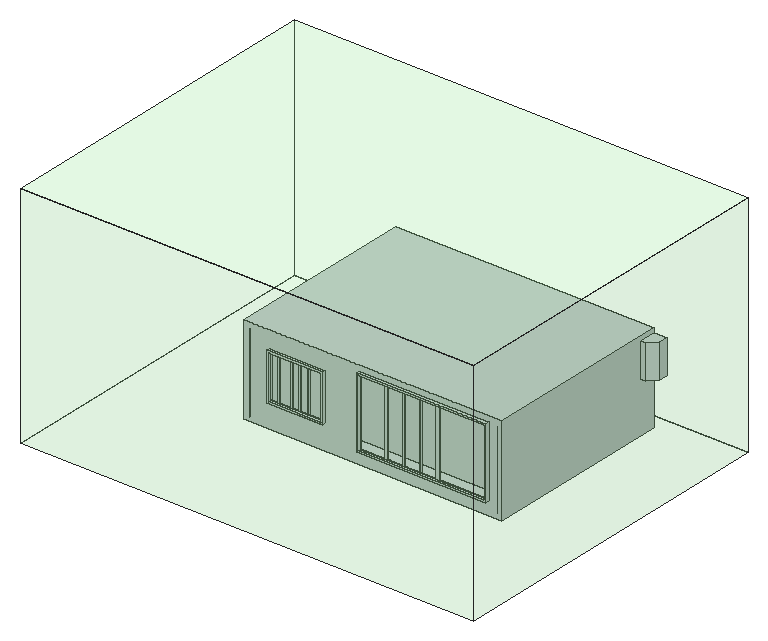
Revit family "BC_Hitachi_RASC-HNpE_LOD400", category Equipement de génie climatique, Revit 2016
Family settings
  Type d'élément = Normal
  Cote de connecteur circulaire = Utiliser le diamètre
  Numéro OmniClass = 23.75.00.00
  Titre OmniClass = Climate Control (HVAC)
  Basée sur le plan de construction = Non
  Toujours verticalement = Oui
  Couper avec des vides une fois chargée = Non
  Partagée = Non
  Point de calcul de pièce = Non
Parameters (values of type "RASC-10HNPE")
  Voids = 5
  Static Pressure Nominal = 102.0 Pa
  Static Pressure Maximum = 120.0 Pa
  Space between inlet outlet = 245 mm
  Product Code = "7E343111"
  Overall Width = 1850 mm
  Overall Height = 640 mm
  Overall Depth = 1360 mm
  Output Width = 398 mm
  Output Height = 337 mm
  Number of Poles = "3"
  Nominal heating power input = 8.52 kW
  Nominal cooling power input = 9.02 kW
  Nominal Voltage = 400 V
  Nominal Current = 24.7 A
  Modèle = "Outdoor Unit - Centrifugal RASC-HNPE"
  Minimum AC Voltage = 360 V
  Maximum connected capacity = 0 kW
  Maximum Input Power = 15.43 kW
  Maximum AC Voltage = 440 V
  Mass = 303.00 kg
  Liquid Diameter = 12.7 mm
  Input Width = 925 mm
  Input Height = 509 mm
  Heating Capacity = 26 kW
  Gas Diameter = 25.4 mm
  Frequency = 50 Hz
  Energy Efficiency Ratio (EER) = 2.66
  ESEER = "6.13"
  Distance from left outlet = 188 mm
  Sound pressure level heating (dB(A)) = "57"
  Sound pressure level Night mode cooling (dB(A)) = "52"
  Sound pressure level cooling (dB(A)) = "56"
  Sound power dB(A) = "75"
  Service space [instance] = yes
  Running current heating = 13.7 A
  Running current cooling = 14.5 A
  Refrigerant charge = 6.20 kg
  Refrigerant = "R410A"
  Recommended circuit breaker = 30 A
  Minimum Connected Capacity (%) = "75"
  Maximum Connected Capacity (%) = "120"
  Maximum Air Flow = 115000.0 L/min
  Height liquid pipe = 391 mm
  Height Gas pipe = 504 mm
  Fabricant = "HITACHI"
  Description = "Centrifugal VRF Series RASC-HNPE"
  Cooling Capacity = 24 kW
  Commentaires du type = "RASC-10HNPE"
  Coefficient Of Performance (COP) = 3.05
Types (5, lengths in mm): name | Static Pressure Nominal | Static Pressure Maximum | Space between inlet outlet | Product Code | Overall Width | Overall Height | Overall Depth | Output Width | Output Height | Nominal heating power input | Nominal cooling power input | Nominal Current | Maximum Input Power | Mass | Liquid Diameter | Input Width | Input Height | Heating Capacity | Gas Diameter | Energy Efficiency Ratio (EER) | ESEER | Distance from left outlet | Sound pressure level heating (dB(A)) | Sound pressure level Night mode cooling (dB(A)) | Sound pressure level cooling (dB(A)) | Sound power dB(A) | Running current heating | Running current cooling | Refrigerant charge | Recommended circuit breaker | Maximum Air Flow | Height liquid pipe | Height Gas pipe | Cooling Capacity | Commentaires du type | Coefficient Of Performance (COP)
  RASC-4HNPE | 56.0 Pa | 90.0 Pa | 222 | "7E343107" | 1415 | 575 | 1015 | 334 | 288 | 2.95 kW | 2.99 kW | 14.1 A | 8.76 kW | 192.00 kg | 9.52 | 642 | 444 | 11.2 kW | 15.88 | 3.35 | "6.65" | 123 | "53" | "48" | "52" | "70" | 4.7 A | 4.8 A | 4.10 kg | 20 A | 55000.0 L/min | 319 | 439 | 10 kW | "RASC-4HNPE" | 3.8
  RASC-5HNPE | 72.0 Pa | 100.0 Pa | 222 | "7E343108" | 1415 | 575 | 1015 | 334 | 288 | 4.12 kW | 3.98 kW | 14.1 A | 8.76 kW | 192.00 kg | 9.52 | 642 | 444 | 14 kW | 15.88 | 3.14 | "6.41" | 123 | "53" | "48" | "52" | "71" | 6.6 A | 6.4 A | 4.20 kg | 20 A | 60000.0 L/min | 319 | 439 | 12.5 kW | "RASC-5HNPE" | 3.4
  RASC-6HNPE | 100.0 Pa | 100.0 Pa | 222 | "7E343109" | 1415 | 575 | 1015 | 334 | 288 | 5.74 kW | 5.09 kW | 16 A | 10.01 kW | 192.00 kg | 9.52 | 642 | 444 | 15.5 kW | 15.88 | 2.75 | "6.19" | 123 | "54" | "49" | "53" | "72" | 9.2 A | 8.2 A | 4.20 kg | 20 A | 60000.0 L/min | 319 | 439 | 14 kW | "RASC-6HNPE" | 2.7
  RASC-8HNPE | 84.0 Pa | 120.0 Pa | 245 | "7E343110" | 1850 | 640 | 1360 | 398 | 337 | 7 kW | 7.41 kW | 24.7 A | 15.43 kW | 300.00 kg | 9.52 | 925 | 509 | 22.4 kW | 25.4 | 2.7 | "6.15" | 188 | "56" | "51" | "55" | "74" | 11.2 A | 11.9 A | 5.70 kg | 30 A | 115000.0 L/min | 391 | 504 | 20 kW | "RASC-8HNPE" | 3.2
  RASC-10HNPE | 102.0 Pa | 120.0 Pa | 245 | "7E343111" | 1850 | 640 | 1360 | 398 | 337 | 8.52 kW | 9.02 kW | 24.7 A | 15.43 kW | 303.00 kg | 12.7 | 925 | 509 | 26 kW | 25.4 | 2.66 | "6.13" | 188 | "57" | "52" | "56" | "75" | 13.7 A | 14.5 A | 6.20 kg | 30 A | 115000.0 L/min | 391 | 504 | 24 kW | "RASC-10HNPE" | 3.05
Reference planes
  plane 1 "Centre (avant/arrière)": y = 0
  plane 2: z = 0
  plane 3 "Centre (gauche/droite)": x = 0
  plane 4 "Ar": y = 680
  plane 5 "Av": y = -680
  plane 6 "Haut": z = 640
  plane 7 "D": x = 925
  plane 8 "G": x = -925
  plane 9: y = 780
  plane 10: x = -1725
  plane 11: x = 1525
  plane 12: y = -1680
  plane 13 "Service space hight": z = 1640
  plane 14 "Sorti d'air": z = 519
  plane 15: z = 182
  plane 16: x = -737
  plane 17: x = -339
  plane 18: x = -538
  plane 19: z = 350.5
  plane 20: x = -94
  plane 21: z = 600
  plane 22: z = 91
  plane 23: x = 831
  plane 24: z = 30
Forms (mm)
  Extrusion 1, solid, material "Service space walls in 4 directions", visible <- "Service space"
    sketch origin (0, 0, 0) x (1, 0, 0) y (0, 1, 0)
      loop
        line (-1725, 780) -> (-1725, -1680) -> (1525, -1680) -> (1525, 780) -> (-1725, 780)
    from 0 to 1640
  Extrusion 2, solid
    sketch origin (0, 0, 0) x (1, 0, 0) y (0, 1, 0)
      loop
        line (-925, 680) -> (-925, -680) -> (925, -680) -> (925, 680) -> (-925, 680)
    from 0 to 640
  Extrusion 3, solid
    sketch origin (0, 680, 0) x (-1, 0, 0) y (0, 0, 1)
      loop
        circle (-955, 504) r 12.7
      loop
        circle (-955, 391) r 6.35
    from 0 to -15
  Extrusion 4, solid
    sketch origin (0, 0, 640) x (-1, 0, 0) y (0, -1, 0)
      loop
        line (-925, -680) -> (-925, -560) -> (-965, -560) -> (-1020, -615) -> (-1020, -680) -> (-925, -680)
    from -30 to -275
  Extrusion 5, solid
    sketch origin (0, -680, 0) x (1, 0, 0) y (0, 0, 1)
      loop
        line (-737, 519) -> (-737, 182) -> (-339, 182) -> (-339, 519) -> (-737, 519)
      loop
        line (-727, 509) -> (-727, 192) -> (-349, 192) -> (-349, 509) -> (-727, 509)
    from 0 to 25
  Extrusion 6, solid
    sketch origin (0, -680, 0) x (1, 0, 0) y (0, 0, 1)
      loop
        line (-94, 600) -> (-94, 91) -> (831, 91) -> (831, 600) -> (-94, 600)
      loop
        line (-84, 101) -> (821, 101) -> (821, 590) -> (-84, 590) -> (-84, 101)
    from 0 to 25
  Extrusion 7, solid
    sketch origin (0, 680, 0) x (-1, 0, 0) y (0, 0, 1)
      loop
        circle (265.388, 14.46) r 12.5
      loop
        circle (292.888, 14.46) r 12.5
    from 0 to -10
  Extrusion 8, void
    sketch origin (0, -680, 0) x (1, 0, 0) y (0, 0, 1)
      loop
        line (-727, 509) -> (-727, 192) -> (-677.509, 192) -> (-677.509, 509) -> (-727, 509)
    from 0 to -40
  Extrusion 9, void
    sketch origin (0, -12.5, 0) x (1, 0, 0) y (0, 1, 0)
      loop
        line (-880.454, -484.912) -> (-880.454, -664.912) -> (894.546, -664.912) -> (894.546, -484.912) -> (-880.454, -484.912)
    from 30 to 600
  Extrusion 10, void
    sketch origin (0, -680, 0) x (1, 0, 0) y (0, 0, 1)
      loop
        line (-667, 509) -> (-667, 192) -> (-585.509, 192) -> (-585.509, 509) -> (-667, 509)
    from 0 to -40
  Extrusion 11, void
    sketch origin (0, -680, 0) x (1, 0, 0) y (0, 0, 1)
      loop
        line (-575, 509) -> (-575, 192) -> (-525.509, 192) -> (-525.509, 509) -> (-575, 509)
    from 0 to -40
  Extrusion 12, void
    sketch origin (0, -680, 0) x (1, 0, 0) y (0, 0, 1)
      loop
        line (-515, 509) -> (-515, 192) -> (-465.509, 192) -> (-465.509, 509) -> (-515, 509)
    from 0 to -40
  Extrusion 13, void
    sketch origin (0, -680, 0) x (1, 0, 0) y (0, 0, 1)
      loop
        line (-455, 509) -> (-455, 192) -> (-373.509, 192) -> (-373.509, 509) -> (-455, 509)
    from 0 to -40
  Extrusion 14, void
    sketch origin (0, -680, 0) x (1, 0, 0) y (0, 0, 1)
      loop
        line (-84, 590) -> (-84, 101) -> (88.624, 101) -> (88.624, 590) -> (-84, 590)
      loop
        line (109, 590) -> (109, 101) -> (216.124, 101) -> (216.124, 590) -> (109, 590)
      loop
        line (229, 590) -> (229, 101) -> (336.124, 101) -> (336.124, 590) -> (229, 590)
      loop
        line (349, 590) -> (349, 101) -> (456.124, 101) -> (456.124, 590) -> (349, 590)
      loop
        line (481.5, 590) -> (481.5, 101) -> (821, 101) -> (821, 590) -> (481.5, 590)
    from 0 to -50
Cuts and joins
  Extrusion 8, Extrusion 9, Extrusion 10, Extrusion 11, Extrusion 12, Extrusion 13, Extrusion 14 cuts Extrusion 1
  Extrusion 8, Extrusion 9, Extrusion 10, Extrusion 11, Extrusion 12, Extrusion 13, Extrusion 14 cuts Extrusion 2
  Extrusion 14 cuts Extrusion 6
Lines and regions (mm)
  model lines, style "InvisibleLines"
    curve 1: line (925, -62.748, 640) -> (925, 57.252, 640)
Dimensions and locks
  equal spacing: plane 4 "Ar", plane 1 "Centre (avant/arrière)", plane 5 "Av"
  "Overall Depth": plane 4 "Ar" to plane 5 "Av"
  "Overall Height": plane 2 to plane 6 "Haut"
  "Overall Width": plane 8 "G" to plane 7 "D"
  locked: plane 9 to plane 4 "Ar" at 100
  locked: plane 10 to plane 8 "G" at 800
  locked: plane 12 to plane 5 "Av" at 1000
  locked: plane 7 "D" to plane 11 at 600
  locked: plane 13 "Service space hight" to plane 6 "Haut" at 1000
  equal spacing: plane 8 "G", plane 3 "Centre (gauche/droite)", plane 7 "D"
  "Height liquid pipe": plane 2 to Extrusion 3 sketch curve
  "Height Gas pipe": plane 2 to Extrusion 3 sketch curve
  locked: plane 7 "D" to Extrusion 3 sketch curve at 30  (x2)
  "Output Width": plane 17 to plane 16
  equal spacing: plane 17, plane 18, plane 16
  equal spacing: plane 14 "Sorti d'air", plane 19, plane 15
  "Output Height": plane 14 "Sorti d'air" to plane 15
  locked: plane 15 to plane 2 at 182
  "Distance from left outlet": plane 16 to plane 8 "G"
  "Input Height": plane 21 to plane 22
  locked: plane 6 "Haut" to plane 21 at 40
  "Input Width": plane 23 to plane 20
  "Space between inlet outlet": plane 20 to plane 17
  locked: plane 24 to plane 2 at 30
  "Gas Diameter": diameter of Extrusion 3 sketch curve
  "Liquid Diameter": diameter of Extrusion 3 sketch curve
  diameter of Extrusion 7 sketch curve = 25 mm  (x2)
  aligned and locked: level to plane 2
  aligned and locked: Extrusion 1 sketch curve to plane 9
  aligned and locked: plane 10 to Extrusion 1 sketch curve
  aligned and locked: Extrusion 1 sketch curve to plane 12
  aligned and locked: plane 11 to Extrusion 1 sketch curve
  aligned and locked: plane 13 "Service space hight" to Extrusion 1
  aligned and locked: Extrusion 2 sketch curve to plane 4 "Ar"
  aligned and locked: plane 8 "G" to Extrusion 2 sketch curve
  aligned and locked: Extrusion 2 sketch curve to plane 5 "Av"
  aligned and locked: plane 7 "D" to Extrusion 2 sketch curve
  aligned and locked: plane 6 "Haut" to Extrusion 2
  aligned and locked: Extrusion 2 to plane 2
  aligned and locked: Extrusion 5 sketch curve to plane 14 "Sorti d'air"
  aligned and locked: plane 16 to Extrusion 5 sketch curve
  aligned and locked: plane 15 to Extrusion 5 sketch curve
  aligned and locked: Extrusion 5 sketch curve to plane 17
  aligned and locked: Extrusion 6 sketch curve to plane 21
  aligned and locked: plane 20 to Extrusion 6 sketch curve
  aligned and locked: plane 22 to Extrusion 6 sketch curve
  aligned and locked: Extrusion 6 sketch curve to plane 23
  aligned and locked: cut or joined group 1 (Extrusion 2, Extrusion 8, Extrusion 9, Extrusion 10, Extrusion 11, Extrusion 12, Extrusion 13, Extrusion 14) to plane 24
  aligned and locked: cut or joined group 1 to Extrusion 5  (x9)
  aligned and locked: plane 21 to Extrusion 9
  aligned and locked: Extrusion 14 sketch curve to Extrusion 6  (x2)
  aligned and locked: Extrusion 6 to Extrusion 14 sketch curve  (x9)
  aligned and locked: Extrusion 14 sketch curve to cut or joined group of Extrusion 6, Extrusion 14
Automatic sketch dimensions
  curve 1 to plane 7 "D" = 0 mm
  curve 1 to plane 1 "Centre (avant/arrière)" = 57.252 mm
  plane 1 "Centre (avant/arrière)" to curve 1 = 62.748 mm
  Extrusion 4 sketch curve to plane 4 "Ar" = 0 mm
  Extrusion 4 sketch curve to plane 7 "D" = 0 mm
  Extrusion 4 sketch curve to plane 7 "D" = 40 mm
  Extrusion 4 sketch curve to plane 7 "D" = 95 mm
  Extrusion 4 sketch curve to plane 4 "Ar" = 120 mm
  Extrusion 4 sketch curve to plane 4 "Ar" = 65 mm
  plane 15 to Extrusion 5 sketch curve = 10 mm
  Extrusion 5 sketch curve to plane 14 "Sorti d'air" = 10 mm
  Extrusion 5 sketch curve to plane 17 = 10 mm
  plane 16 to Extrusion 5 sketch curve = 10 mm
  plane 20 to Extrusion 6 sketch curve = 10 mm
  Extrusion 6 sketch curve to plane 21 = 10 mm
  plane 22 to Extrusion 6 sketch curve = 10 mm
  Extrusion 6 sketch curve to plane 23 = 10 mm
  level to Extrusion 7 sketch curve = 14.46 mm  (x2)
  plane 17 to Extrusion 7 sketch curve = 73.612 mm
  Extrusion 7 sketch curve to Extrusion 7 sketch curve = 27.5 mm
  Extrusion 9 sketch curve to plane 5 "Av" = 2.588 mm
  plane 8 "G" to Extrusion 9 sketch curve = 44.546 mm
  plane 7 "D" to Extrusion 9 sketch curve = 30.454 mm
  Extrusion 9 sketch curve to Extrusion 9 sketch curve = 180 mm
  plane 15 to Extrusion 10 sketch curve = 10 mm
  plane 16 to Extrusion 10 sketch curve = 70 mm
  Extrusion 10 sketch curve to plane 18 = 47.509 mm
  Extrusion 10 sketch curve to plane 14 "Sorti d'air" = 10 mm
  plane 15 to Extrusion 11 sketch curve = 10 mm
  Extrusion 11 sketch curve to plane 18 = 37 mm
  plane 18 to Extrusion 11 sketch curve = 12.491 mm
  Extrusion 11 sketch curve to plane 14 "Sorti d'air" = 10 mm
  plane 15 to Extrusion 12 sketch curve = 10 mm
  plane 18 to Extrusion 12 sketch curve = 23 mm
  Extrusion 12 sketch curve to Extrusion 12 sketch curve = 49.491 mm
  Extrusion 12 sketch curve to plane 14 "Sorti d'air" = 10 mm
  plane 16 to Extrusion 8 sketch curve = 10 mm
  plane 15 to Extrusion 8 sketch curve = 10 mm
  Extrusion 8 sketch curve to Extrusion 8 sketch curve = 49.491 mm
  Extrusion 8 sketch curve to plane 14 "Sorti d'air" = 10 mm
  plane 15 to Extrusion 13 sketch curve = 10 mm
  plane 18 to Extrusion 13 sketch curve = 83 mm
  Extrusion 13 sketch curve to plane 17 = 34.509 mm
  Extrusion 13 sketch curve to plane 14 "Sorti d'air" = 10 mm
  plane 3 "Centre (gauche/droite)" to Extrusion 14 sketch curve = 88.624 mm
  Extrusion 14 sketch curve to Extrusion 14 sketch curve = 20.376 mm
  Extrusion 14 sketch curve to Extrusion 14 sketch curve = 107.124 mm  (x3)
  Extrusion 14 sketch curve to Extrusion 14 sketch curve = 12.876 mm  (x2)
  Extrusion 14 sketch curve to Extrusion 14 sketch curve = 25.376 mm
Connectors
  hvac at (-538, -680, 350.5), driven by "Output Height", driven by "Output Width"
    settings: on Extrusion 5, index 1, duct flow 0.0 L/min, flow factor 0, pres drop 0.0 Pa, loss coef 0, conn angle 0.00°, conn width 398 mm, conn height 337 mm, conn diameter 609.6 mm, duct sys type 1, conn prof type 1, flow config 0, flow direction 2, loss method 0, conn ref index -1, conn util no, is conn primary yes, conn desc ""
  hvac at (368.5, -680, 345.5), driven by "Input Height", driven by "Input Width"
    settings: on Extrusion 6, index 2, duct flow 0.0 L/min, flow factor 0, pres drop 0.0 Pa, loss coef 0, conn angle 0.00°, conn width 925 mm, conn height 509 mm, conn diameter 609.6 mm, duct sys type 2, conn prof type 1, flow config 0, flow direction 1, loss method 0, conn ref index -1, conn util no, is conn primary no, conn desc ""
  piping at (955, 680, 504), diameter 25.4, driven by "Gas Diameter"
    settings: on Extrusion 3, index 3, connector inside diameter 609.6 mm, connector length 0 mm, flow factor 0, pipe flow 0.0 L/s, pressure drop 0.0 Pa, fitting loss kfactor 0, connector angle 0.00°, fixture units 0, engagement length 0 mm, angle of deflection 0.00°, flow configuration 0, flow direction 0, fitting loss method 0, system type 29, joint type 0, gender type 0, connector reference index -1, connector utility 0, adjustable connector no, is connector primary yes, connector description ""
  piping at (955, 680, 391), diameter 12.7, driven by "Liquid Diameter"
    settings: on Extrusion 3, index 4, connector inside diameter 609.6 mm, connector length 0 mm, flow factor 0, pipe flow 0.0 L/s, pressure drop 0.0 Pa, fitting loss kfactor 0, connector angle 0.00°, fixture units 0, engagement length 0 mm, angle of deflection 0.00°, flow configuration 0, flow direction 1, fitting loss method 0, system type 7, joint type 0, gender type 0, connector reference index -1, connector utility 0, adjustable connector no, is connector primary no, connector description ""
  electrical at (-265.388, 680, 14.46), driven by "Nominal Voltage"
    settings: on Extrusion 7, index 5, voltage 400 V, apparent load 0 VA, apparent load phase1 0 VA, apparent load phase2 0 VA, apparent load phase3 0 VA, power factor 1, load classification "Autre", number of poles 1, system type 30, power factor state 1, is connector primary yes, connector utility no, sub classification motor no, connector description ""
  electrical at (-292.888, 680, 14.46), driven by "Nominal Voltage"
    settings: on Extrusion 7, index 6, voltage 400 V, apparent load 0 VA, apparent load phase1 0 VA, apparent load phase2 0 VA, apparent load phase3 0 VA, power factor 1, load classification "Autre", number of poles 1, system type 30, power factor state 1, is connector primary no, connector utility no, sub classification motor no, connector description ""
